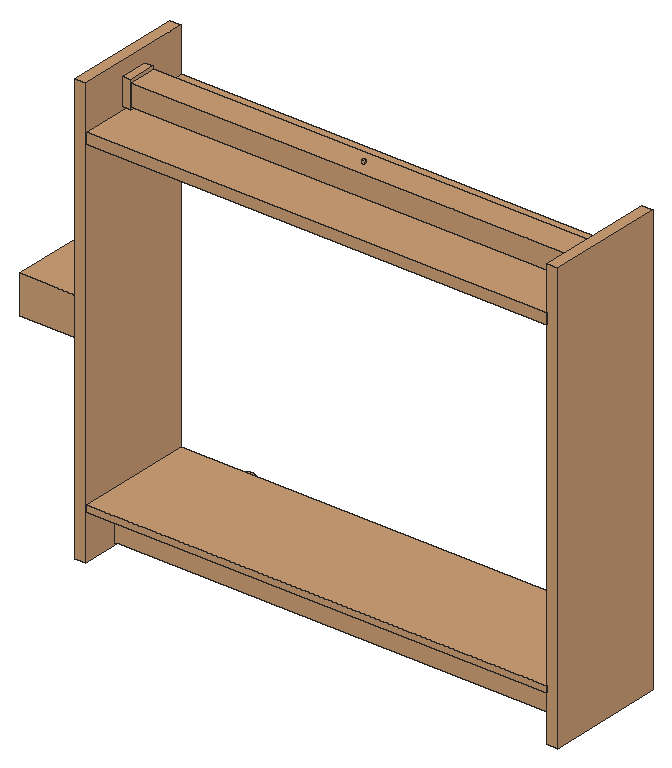
Revit family
Parameters
  Center of Unit = 0' - 0"  # constant formula
  Total Heating Capacity [instance] = 0.0 Btu/h
  Series = "VIFB"
  Outlet Area = 35.70 SF
  Lower Frame Thickness = if(Headers Height = 0' 3", 0' 1 1/4", if(Headers Height = 0' 3 1/4", 0' 1 1/4", 0' 0"))  # 0' - 1 1/4"
  Water Pressure Drop [instance] = 0.00 psi
  Water Flow [instance] = 0 GPM
  Unit Weight (lbs) = 1096
  URL = "http://www.ljwing.com/"
  Water Outlet Radius = 0' - 1 1/2"
  Headers Height = if(M = 0' 1", 0' 3", if(M = 0' 1 1/2", 0' 3 1/4", 0' 0"))  # 0' - 3 1/4"
  Number of Rows = 2  # constant formula
  Number of Coils [instance] = 0
  Nominal Length = 7' - 5 3/4"
  N = 1' - 0 3/4"
  Model = "VD-8W"
  Manufacturer = "LJ Wing"
  M = 0' - 1 1/2"
  Leaving Water Temperature [instance] = 0 °F
  Leaving Air Temperature [instance] = 0 °F
  Entering Water Temperature [instance] = 0 °F
  Entering Air Temperature [instance] = 0 °F
  Description = "Vertical Integral Face & Bypass Water Heating Coils"
  Hot Water Inlet  Radius = 0' - 1 1/2"
  Coil Face Area = Outlet Area * 0.56  # 19.992 SF
  Casing Material = ""
  Assembly Code = "D3020300"
  Air Vent Radius = 0' - 0 1/4"
  Air Pressure Drop [instance] = 0.00 in-wg
  Air Inlet Width = Nominal Length - 0' 4"  # 7' - 1 3/4"
  Air Inlet Height = Y  # 5' - 0"
  Air Flow [instance] = 0 CFM
  Y = 5' - 0"
  S = 0' - 9 3/4"  # constant formula
  Product URL = "http://www.ljwing.com/html/vifb.asp"
  OmniClass = "23-75 70 21 14 "
  Nominal Height = 6' - 8"
  Nominal Depth = 1' - 10"
  R = 0' - 10 1/4"  # constant formula
  Q = 0' - 2 7/8"
Reference planes (in)
  plane 1 "Center (Front/Back)": y = 0
  plane 2: z = -30
  plane 3 "Center (Left/Right)": x = 0
  plane 4: z = 40.25
  plane 5: x = -44.875
  plane 6: x = 44.875
  plane 7: z = -39.75
  plane 8: z = 0
  plane 9: y = -11
  plane 10: y = 11
  plane 11: z = 30
  plane 12: z = 32
  plane 13: z = -31.25
  plane 14: x = 42.875
  plane 15: x = -42.875
  plane 16: x = -42
  plane 17: x = 42
  plane 18: y = 14.0625
  plane 19: x = -55.875
  plane 20: z = 37.125
  plane 21: z = 33.125
  plane 22: y = -2.5
  plane 23: y = 2.5
  plane 24: y = -4.5
  plane 25: z = -37.375
  plane 26: x = -32.125
  plane 27: x = 32.125
  plane 28: z = -33.375
Forms (in)
  Extrusion 1, solid, material "Painted Finish"
    sketch origin (0, 6, -9.75) x (1, 0, 0) y (0, 0, 1)
      loop
        line (-44.875, -30) -> (-42.875, -30) -> (-42.875, 50) -> (-44.875, 50) -> (-44.875, -30)
      loop
        line (44.875, -30) -> (44.875, 50) -> (42.875, 50) -> (42.875, -30) -> (44.875, -30)
    from -5 to 17
  Extrusion 2, solid, material "Painted Finish"
    sketch origin (0, 6, 0) x (1, 0, 0) y (0, 0, 1)
      loop
        line (42.875, -30) -> (-42.875, -30) -> (-42.875, -31.25) -> (42.875, -31.25) -> (42.875, -30)
      loop
        line (42.875, 30) -> (42.875, 32) -> (-42.875, 32) -> (-42.875, 30) -> (42.875, 30)
    from -5 to 17
  Extrusion 3, solid, material "Painted Finish"
    sketch origin (0, 10, -0.5) x (1, 0, 0) y (0, 0, 1)
      loop
        line (-44.875, 4) -> (-55.875, 4) -> (-55.875, -3) -> (-44.875, -3) -> (-44.875, 4)
    from 0 to 20
  Extrusion 4, solid, material "Painted Finish"
    sketch origin (0, 6, 0) x (1, 0, 0) y (0, 0, 1)
      loop
        line (-41.25, 37.125) -> (-41.25, 33.125) -> (41.25, 33.125) -> (41.25, 37.125) -> (-41.25, 37.125)
    from 3.5 to 8.5
  Extrusion 5, solid, material "Painted Finish"
    sketch origin (0, 0, 0) x (1, 0, 0) y (0, 0, 1)
      loop
        line (-41.25, 32.625) -> (-41.25, 37.625) -> (-42.875, 37.625) -> (-42.875, 32.625) -> (-41.25, 32.625)
      loop
        line (42.875, 32.625) -> (42.875, 37.625) -> (41.25, 37.625) -> (41.25, 32.625) -> (42.875, 32.625)
    from -2.5 to 2.5
  Extrusion 6, solid, material "Painted Finish"
    sketch origin (0, 6, 0) x (1, 0, 0) y (0, 0, 1)
      loop
        line (-42.375, -31.75) -> (-42.375, -31.5) -> (-42.875, -31.5) -> (-42.875, -35.25) -> (-42.375, -35.25) -> (-42.375, -35) -> (42.375, -35) -> (42.375, -35.25) -> (42.875, -35.25) -> (42.875, -31.5) -> (42.375, -31.5) -> (42.375, -31.75) -> (-42.375, -31.75)
      loop
        line (42.375, -39) -> (42.375, -39.125) -> (42.875, -39.125) -> (42.875, -35.5) -> (42.375, -35.5) -> (42.375, -35.75) -> (-42.375, -35.75) -> (-42.375, -35.5) -> (-42.875, -35.5) -> (-42.875, -39.25) -> (-42.375, -39.25) -> (-42.375, -39) -> (42.375, -39)
    from -5 to 10.5
  Extrusion 7, void
    sketch origin (0, 0, 0) x (1, 0, 0) y (0, 0, 1)
      loop
        line (-42.875, 30) -> (-42.875, -30) -> (42.875, -30) -> (42.875, 30) -> (-42.875, 30)
    from -11 to 11
  Extrusion 8, solid, material "Painted Finish"
    sketch origin (0, 0, 0) x (1, 0, 0) y (0, 0, 1)
      loop
        circle (32.125, -37.375) r 1.5
      loop
        circle (-32.125, -33.375) r 1.5
    from -14.0625 to -11
  Extrusion 9, solid, material "Painted Finish"
    sketch origin (0, 0, 0) x (1, 0, 0) y (0, 1, 0)
      loop
        circle (0, 0) r 0.25
    from 37.125 to 37.625
Cuts and joins
  Extrusion 7 cuts Extrusion 1
  Extrusion 7 cuts Extrusion 2
Dimensions and locks (in)
  "Nominal Length": plane 6 to plane 5
  equal spacing: plane 6, plane 3 "Center (Left/Right)", plane 5
  "S": plane 2 to plane 7
  "Nominal Depth": plane 10 to plane 9
  equal spacing: plane 10, plane 1 "Center (Front/Back)", plane 9
  "Y": plane 11 to plane 2
  "R": plane 4 to plane 11
  locked: plane 12 to plane 11 at 2
  "Lower Frame Thickness": plane 2 to plane 13
  "Q": plane 16 to plane 5
  "Q": plane 6 to plane 17
  locked: plane 18 to plane 10 at 3.0625
  locked: plane 5 to plane 19 at 11
  locked: Extrusion 3 sketch curve to Extrusion 3 sketch curve at 7
  locked: Extrusion 3 to Extrusion 3 at 20
  locked: plane 6 to plane 14 at 2
  locked: plane 15 to plane 5 at 2
  locked: Extrusion 5 sketch curve to plane 20 at 0.5
  locked: plane 21 to Extrusion 5 sketch curve at 0.5
  locked: plane 20 to plane 21 at 4
  locked: plane 23 to plane 22 at 5
  equal spacing: plane 23, plane 1 "Center (Front/Back)", plane 22
  locked: plane 22 to plane 24 at 2
  plane 4 to plane 7 = 6' - 8"
  locked: Extrusion 5 sketch curve to Extrusion 1 at 1.625
  locked: Extrusion 5 sketch curve to Extrusion 5 sketch curve at 1.625
  locked: Extrusion 7 sketch curve to plane 11 at 0
  locked: Extrusion 7 sketch curve to plane 15 at 0
  locked: Extrusion 7 sketch curve to plane 14 at 0
  locked: plane 15 to Extrusion 6 sketch curve at 0.5
  locked: Extrusion 6 sketch curve to Extrusion 6 sketch curve at 0.25  (x2)
  locked: plane 25 to plane 7 at 2.375
  "N": plane 26 to plane 5
  "N": plane 6 to plane 27
  locked: plane 28 to plane 7 at 6.375
  "Headers Height": Extrusion 6 sketch curve to Extrusion 6 sketch curve  (x2)
  locked: Extrusion 8 sketch curve to plane 25 at 0
  locked: Extrusion 8 sketch curve to plane 28 at 0
  locked: Extrusion 9 sketch curve to plane 1 "Center (Front/Back)" at 0
  locked: Extrusion 9 sketch curve to plane 3 "Center (Left/Right)" at 0
  equal spacing: Extrusion 6 sketch curve, plane 28, Extrusion 6 sketch curve
  equal spacing: Extrusion 6 sketch curve, plane 25, Extrusion 6 sketch curve
  locked: plane 4 to plane 20 at 3.125
  locked: Extrusion 7 sketch curve to plane 2 at 0
  equal spacing: plane 11, plane 8, plane 2
  locked: Extrusion 8 sketch curve to plane 27 at 0
  locked: Extrusion 8 sketch curve to plane 26 at 0
  "M": radius of Extrusion 8 sketch curve  (x2)
  "Air Vent Radius": radius of Extrusion 9 sketch curve
  aligned and locked: Extrusion 1 to plane 9
  aligned and locked: Extrusion 1 to plane 10
  aligned and locked: Extrusion 1 to plane 15
  aligned and locked: Extrusion 1 to plane 14
  aligned and locked: Extrusion 2 to plane 9
  aligned and locked: plane 9 to Extrusion 1
  aligned and locked: plane 10 to Extrusion 1  (x2)
  aligned and locked: Extrusion 2 to plane 10
  aligned and locked: plane 10 to Extrusion 2  (x2)
  aligned and locked: plane 9 to Extrusion 2  (x2)
  aligned and locked: plane 5 to Extrusion 3
  aligned and locked: Extrusion 5 sketch curve to plane 15
  aligned and locked: Extrusion 5 sketch curve to Extrusion 4
  aligned and locked: Extrusion 1 to Extrusion 6
  aligned and locked: plane 22 to Extrusion 5
  aligned and locked: Extrusion 5 to Extrusion 4  (x2)
  aligned and locked: Extrusion 5 to plane 23
  aligned and locked: Extrusion 6 to plane 24
  aligned and locked: Extrusion 4 to Extrusion 5  (x2)
  aligned and locked: Extrusion 5 to Extrusion 1  (x2)
  aligned and locked: Extrusion 1 to Extrusion 7  (x2)
  aligned and locked: plane 18 to Extrusion 8
  aligned and locked: Extrusion 8 to plane 10
  aligned and locked: plane 20 to Extrusion 9
  aligned and locked: Extrusion 9 to Extrusion 5
  aligned and locked: plane 2 to cut or joined group of Extrusion 2, Extrusion 7
  aligned and locked: Extrusion 1 sketch curve to plane 6
  aligned and locked: Extrusion 1 sketch curve to plane 14
  aligned and locked: Extrusion 1 sketch curve to plane 15
  aligned and locked: Extrusion 1 sketch curve to plane 5
  aligned and locked: Extrusion 1 sketch curve to plane 4  (x2)
  aligned and locked: plane 7 to Extrusion 1 sketch curve  (x2)
  aligned and locked: Extrusion 2 sketch curve to plane 11
  aligned and locked: Extrusion 2 sketch curve to plane 12
  aligned and locked: plane 2 to Extrusion 2 sketch curve
  aligned and locked: Extrusion 2 sketch curve to plane 13
  aligned and locked: Extrusion 2 sketch curve to plane 14  (x2)
  aligned and locked: Extrusion 2 sketch curve to plane 15  (x2)
  aligned and locked: plane 20 to Extrusion 4 sketch curve
  aligned and locked: Extrusion 4 sketch curve to plane 21
  aligned and locked: plane 14 to Extrusion 6 sketch curve
  aligned and locked: Extrusion 6 sketch curve to plane 14
  aligned and locked: Extrusion 6 sketch curve to plane 15  (x2)
Automatic sketch dimensions
  Extrusion 3 sketch curve to plane 19 = 0' - 0"
  Extrusion 3 sketch curve to plane 5 = 0' - 0"
  plane 8 to Extrusion 3 sketch curve = 0' - 3 1/2"
  plane 16 to Extrusion 4 sketch curve = 0' - 0 3/4"
  Extrusion 4 sketch curve to plane 17 = 0' - 0 3/4"
  plane 21 to Extrusion 5 sketch curve = 0' - 0 1/2"
  Extrusion 5 sketch curve to plane 20 = 0' - 0 1/2"
  plane 15 to Extrusion 6 sketch curve = 0' - 0 1/2"  (x2)
  Extrusion 6 sketch curve to Extrusion 6 sketch curve = 0' - 0 1/4"  (x5)
  Extrusion 6 sketch curve to Extrusion 6 sketch curve = 0' - 0"  (x2)
  Extrusion 6 sketch curve to plane 14 = 0' - 0 1/2"  (x2)
  Extrusion 6 sketch curve to Extrusion 6 sketch curve = 0' - 0 1/2"
  Extrusion 6 sketch curve to plane 7 = 0' - 0 5/8"
Connectors (in)
  hvac at (0, -11, 0), driven by "Air Inlet Height", driven by "Air Inlet Width", driven by "Air Flow", driven by "Air Pressure Drop"
    settings: on Extrusion 7, index 1
  hvac at (0, 11, 0), driven by "Air Pressure Drop", driven by "Air Inlet Height", driven by "Air Inlet Width", driven by "Air Flow"
    settings: on Extrusion 7, index 2
  piping at (-32.125, 14.0625, -33.375), driven by "M", driven by "Water Flow", driven by "Water Pressure Drop"
    settings: on Extrusion 8, index 4
  piping at (32.125, 14.0625, -37.375), driven by "Water Pressure Drop", driven by "Water Flow", driven by "M"
    settings: on Extrusion 8, index 5
